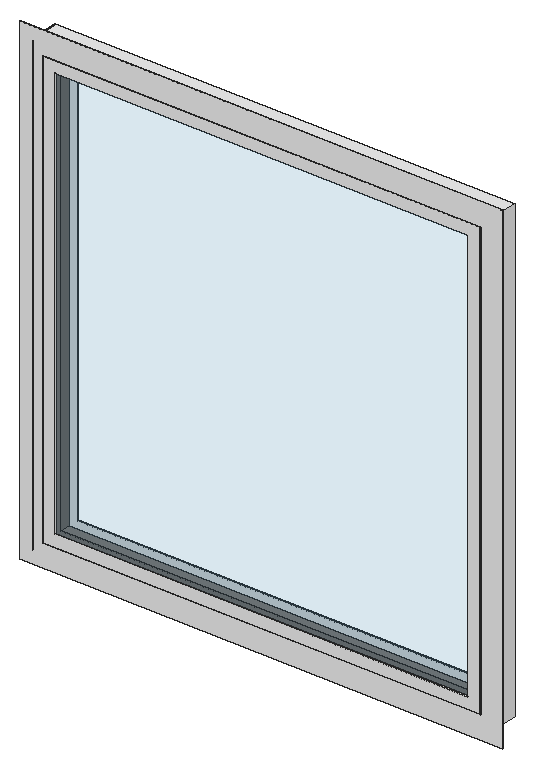
Revit family "Casement_36_H_Top_Hung_Standard", category Windows, host Wall, Revit 2014
Parameters (values of type "Casement_Sash_DG")
  Width Sash [instance] = 30 mm
  Width Sash Inner = 15 mm
  Width Bead = 15 mm
  Top Hung [instance] = yes
  Side Hung Right [instance] = yes
  Side Hung Left [instance] = yes
  Sash Opening Width [instance] = 600 mm
  Sash Opening Height [instance] = 600.312 mm
  Sash Lip = 15 mm
  Glazing Material [instance] = Glass
  DG Start Piece 2 [instance] = DG End Piece 1 + DG Gasket Thickness  # 25 mm
  DG Start Peice 1 [instance] = (Depth Sash - (2 * DG Glazing Thickness) - DG Gasket Thickness) / 2  # 6.6 mm
  Glazing Offset = 5 mm
  DG Glazing Thickness [instance] = 6.4 mm
  DG Gasket Thickness = 12 mm  # constant formula
  DG Gasket Material [instance] = Double Glazing Gasket Material
  DG End Piece 2 [instance] = DG Start Piece 2 + DG Glazing Thickness  # 31.4 mm
  DG End Piece 1 [instance] = DG Start Peice 1 + DG Glazing Thickness  # 13 mm
  Depth Sash [instance] = 38 mm
  Center Vertical Sash [instance] = Sash Opening Height / 2  # 300.156 mm
  Center Horizontal Sash [instance] = Sash Opening Width / 2  # 300 mm
  Bottom Hung [instance] = yes
  Bead Offset = 15 mm
  Aluminium Thickness = 1 mm
  Aluminium Material [instance] = White Powder Coated Aluminium
Reference planes
  plane 1 "Center (Front/Back)": y = 0
  plane 2: z = 0
  plane 3 "Center (Left/Right)": x = 0
Forms (mm)
  Sweep 1, solid, material "White Powder Coated Aluminium" <- "Aluminium Material"
    path origin (16.177, 0, 121.331) x (1, 0, 0) y (0, 0, 1)
      loop
        line (0, 0) -> (600, 0) -> (600, 600.312) -> (0, 600.312) -> (0, 0)
    profile origin (316.177, 0, 121.331) x (0, 0, 1) y (0, -1, 0)
      loop
        line (0, 0) -> (30, 0) -> (30, 1) -> (15, 1) -> (15, 38) -> (-15, 38) -> (-15, 37) -> (0, 37) -> (0, 0)
      loop
        line (14, 1) -> (14, 37) -> (1, 37) -> (1, 1) -> (14, 1)
  Sweep 2, solid, material "White Powder Coated Aluminium" <- "Aluminium Material"
    path origin (0, 0, 0) x (1, 0, 0) y (0, 0, 1)
      loop
        line (31.177, 706.643) -> (31.177, 136.331) -> (601.177, 136.331) -> (601.177, 706.643) -> (31.177, 706.643)
    profile origin (316.177, 0, 706.643) x (0, 0, 1) y (0, -1, 0)
      loop
        line (0, 37) -> (0, 38) -> (-15, 38) -> (-15, 37) -> (0, 37)
  Extrusion 3, solid, material "Glass" <- "Glazing Material"
    sketch origin (0, 0, 0) x (1, 0, 0) y (0, 0, 1)
      loop
        line (36.177, 701.643) -> (36.177, 141.331) -> (596.177, 141.331) -> (596.177, 701.643) -> (36.177, 701.643)
    from 6.6 <- "DG Start Peice 1" to 13 <- "DG End Piece 1"
  Extrusion 4, solid, material "Glass" <- "Glazing Material"
    sketch origin (0, 0, 0) x (1, 0, 0) y (0, 0, 1)
      loop
        line (36.177, 701.643) -> (36.177, 141.331) -> (596.177, 141.331) -> (596.177, 701.643) -> (36.177, 701.643)
    from 31.4 <- "DG End Piece 2" to 25 <- "DG Start Piece 2"
  Sweep 5, solid, material "Double Glazing Gasket Material" <- "DG Gasket Material"
    path origin (0, -13, 0) x (1, 0, 0) y (0, 0, 1)
      loop
        line (36.177, 701.643) -> (36.177, 141.331) -> (596.177, 141.331) -> (596.177, 701.643) -> (36.177, 701.643)
    profile origin (316.177, -13, 701.643) x (0, 0, 1) y (0, -1, 0)
      loop
        line (0, 0) -> (0, 12) -> (-7.96, 12) -> (-7.96, 0) -> (0, 0)
Lines and regions (mm)
  model lines
    curve 1: line (1.177, -38, 736.643) -> (31.177, -38, 706.643)
    curve 2: line (601.177, -38, 706.643) -> (631.177, -38, 736.643)
    curve 3: line (601.177, -38, 136.331) -> (631.177, -38, 106.331)
    curve 4: line (1.177, -38, 106.331) -> (31.177, -38, 136.331)
    curve 5: line (631.177, -37, 736.643) -> (616.177, -37, 721.643)
    curve 6: line (1.177, -37, 736.643) -> (16.177, -37, 721.643)
    curve 7: line (1.177, -37, 106.331) -> (16.177, -37, 121.331)
    curve 8: line (631.177, -37, 106.331) -> (616.177, -37, 121.331)
    curve 9: line (616.177, 0, 121.331) -> (586.177, 0, 151.331)
    curve 10: line (46.177, 0, 151.331) -> (16.177, 0, 121.331)
    curve 11: line (616.177, 0, 721.643) -> (586.177, 0, 691.643)
    curve 12: line (46.177, 0, 691.643) -> (16.177, 0, 721.643)
    curve 13: line (31.177, -38, 691.643) -> (46.177, -38, 691.643)
    curve 14: line (586.177, -38, 691.643) -> (601.177, -38, 691.643)
    curve 15: line (586.177, -38, 151.331) -> (601.177, -38, 151.331)
    curve 16: line (31.177, -38, 151.331) -> (46.177, -38, 151.331)
  model lines, style "GenericModelHiddenLines", visible <- "Top Hung"
    curve 17: line (46.386, -31.4, 690.914) -> (316.177, -31.4, 151.331)
    curve 18: line (316.177, -31.4, 151.331) -> (586.177, -31.4, 691.331)
  model lines, style "GenericModelHiddenLines", visible <- "Bottom Hung"
    curve 19: line (46.177, -31.4, 151.331) -> (316.177, -31.4, 691.331)
    curve 20: line (316.177, -31.4, 691.331) -> (586.177, -31.4, 151.331)
  model lines, style "GenericModelHiddenLines", visible <- "Side Hung Left"
    curve 21: line (46.386, -31.4, 690.914) -> (585.24, -31.4, 421.487)
    curve 22: line (585.24, -31.4, 421.487) -> (46.177, -31.4, 151.331)
  model lines, style "GenericModelHiddenLines", visible <- "Side Hung Right"
    curve 23: line (586.177, -31.4, 691.331) -> (46.177, -31.4, 421.487)
    curve 24: line (46.177, -31.4, 421.487) -> (586.177, -31.4, 151.331)
Dimensions and locks
  "Aluminium Thickness": Sweep 1 sketch curve to Sweep 1 sketch curve  (x4)
  "Depth Sash": Sweep 1 sketch curve to Sweep 1 sketch curve
  "Sash Opening Width": Sweep 1 to Sweep 1
  "Sash Opening Height": Sweep 1 to Sweep 1
  "Width Sash": Sweep 1 sketch curve to Sweep 1 sketch curve  (x2)
  "Width Sash Inner": Sweep 1 sketch curve to Sweep 1 sketch curve
  "Sash Lip": Sweep 1 sketch curve to Sweep 1 sketch curve
  "Aluminium Thickness": Sweep 1 to Sweep 2 sketch curve
  "Glazing Offset": Sweep 2 to Extrusion 3 sketch curve  (x3)
  "Glazing Offset": Extrusion 3 sketch curve to Sweep 2
  Sweep 1 to Sweep 1 = 1 mm
  "Aluminium Thickness": Sweep 2 sketch curve to Sweep 2 sketch curve
  "Width Bead": Sweep 2 sketch curve to Sweep 2 sketch curve
  locked: Sweep 5 sketch curve to Sweep 5 sketch curve at 7.96
  "Center Horizontal Sash": Sweep 1 to curve 18
  "Center Horizontal Sash": Sweep 1 to curve 20
  "Center Vertical Sash": Sweep 1 to curve 22
  "Center Vertical Sash": Sweep 1 to curve 24
  aligned and locked: level to plane 2
  aligned and locked: Sweep 1 sketch curve to Sweep 1 sketch curve  (x2)
  aligned and locked: Sweep 2 sketch curve to Sweep 1  (x5)
  aligned and locked: Extrusion 4 sketch curve to Extrusion 3  (x4)
  aligned and locked: Sweep 5 sketch curve to Extrusion 3  (x5)
  aligned and locked: Extrusion 3 to Sweep 5 sketch curve
Automatic sketch dimensions
  plane 3 "Center (Left/Right)" to Sweep 1 sketch curve = 16.177 mm
  level to Sweep 1 sketch curve = 121.331 mm
  plane 3 "Center (Left/Right)" to Sweep 1 sketch curve = 616.177 mm
  level to Sweep 1 sketch curve = 721.643 mm
  profile plane to Sweep 5 sketch curve = 12 mm
  curve 7 to Sweep 1 = 0 mm  (x4)
  curve 6 to Sweep 1 = 0 mm  (x3)
  Sweep 1 to curve 6 = 0 mm
  curve 5 to Sweep 1 = 0 mm  (x3)
  curve 8 to Sweep 1 = 0 mm  (x4)
  Sweep 1 to curve 5 = 0 mm
  curve 16 to Sweep 2 = 0 mm  (x3)
  curve 13 to Sweep 2 = 0 mm  (x3)
  curve 15 to Sweep 2 = 0 mm
  Sweep 2 to curve 15 = 0 mm  (x2)
  curve 14 to Sweep 2 = 0 mm  (x2)
  Sweep 2 to curve 14 = 0 mm
  curve 1 to Sweep 1 = 0 mm  (x4)
  curve 4 to Sweep 1 = 0 mm  (x3)
  Sweep 1 to curve 4 = 0 mm
  curve 3 to Sweep 1 = 0 mm  (x3)
  curve 2 to Sweep 1 = 0 mm  (x4)
  Sweep 1 to curve 3 = 0 mm
  curve 10 to Sweep 1 = 0 mm  (x4)
  curve 12 to Sweep 1 = 0 mm  (x3)
  Sweep 1 to curve 12 = 0 mm
  curve 9 to Sweep 1 = 0 mm  (x4)
  curve 11 to Sweep 1 = 0 mm  (x3)
  Sweep 1 to curve 11 = 0 mm
  Sweep 1 sketch curve to plane 1 "Center (Front/Back)" = 0 mm
  profile plane to Sweep 1 sketch curve = 0 mm
  curve 21 to Extrusion 4 = 10.208 mm
  curve 19 to Extrusion 4 = 10 mm
  curve 23 to Extrusion 4 = 10 mm  (x2)
  curve 22 to Extrusion 4 = 10.937 mm
  curve 20 to Extrusion 4 = 10 mm
  curve 24 to Extrusion 4 = 10 mm
  curve 22 to Extrusion 4 = 10 mm
  curve 18 to Extrusion 4 = 10 mm
  curve 21 to Extrusion 4 = 10.729 mm
  curve 19 to Extrusion 4 = 10.312 mm
  curve 18 to Extrusion 4 = 10.312 mm
Types in the file's own list only (12): name | Windload Design | Width Sash Opening | Width Sash 2 | Width Sash 1 | Width Profile | Width Panel 3 | Width Panel 2 | Width Panel 1 | Width | URL | Max System DG Unit Thickness | Max System DG One Piece Thickness | Max Pane Area | Intruderprufe U Value | Intruderprufe SHGC Value | Intruderprufe LowE U Value | Intruderprufe LowE SHGC Value | Intruderprufe Insulated U Value | Intruderprufe Insulated SHGC Value | Intruderprufe Insulated LowE U Value | Intruderprufe Insulated LowE SHGC Value | Height | Energy Advantage U Value | Energy Advantage SHGC Value | DG Thickness Calc | Custom Window Width | Custom Window Height | Custom Windload | Sash Width | Custom Sash Bottom Height | Custom Sash Top Height | Sash Spacing Inner | Sash Overlap | Sash Center Offset | SG Gasket Thickness | Offset Window Exterior | Offset Sash Left | Offset Sash 2 Top | Offset Sash 1 Top | Offset Panel 4 Left | Offset Panel 3 Bead Top | Offset Mullion Left | Offset Transom 2 Top | Offset Transom 1 Top | Offset Bead SG Center Reversed | Model | Manufacturer | Limit Window Width Min | Limit Window Width Max | Limit Window Height Min | Limit Window Height Max | Limit Sash Width Min | Limit Sash Width Max | Limit Sash Height Min | Limit Sash Height Max | Limit Fixed Pane Height Min | Limit Fixed Pane Height Max | Length Transom | Height Sash 2 Opening | Height Sash 2 | Height Sash 1 Opening | Height Sash 1 | Height Panel 3 | Height Panel 2 | Height Panel 1 | Description | Frame Center Offset | Depth Bead | Default Sill Height | Wall Closure | DG Gasket Finish | DG Extrusion Start | Window Exterior Offset | Clearvue U Value | Clearvue SHGC Value | Clearvue Insulated U Value | Clearvue Insulated SHGC Value | Clearvue Insulated LowE U Value | Clearvue Insulated LowE SHGC Value | Casement Dimension | Bottom Hung | Bead SG Gap | Area Pane Top | Area Pane Middle | Area Pane Bottom
  36-0615DT-1000Pa | 1000 mm | 544 mm | 514 mm | 514 mm | 30 mm | 530 mm | 530 mm | 530 mm | 590 mm | "http://www.crealco.co.za/crealco-products.php" | 25 mm | 6 mm | 0.23 m² | 6.15 | 0.498 | 4.96 | 0.441 | 4.39 | 0.42 | 4 | 0.388 | 1490 mm | 5.08 | 0.463 | 4 mm | 590 mm | 1490 mm | 1000 mm | 544 mm | 554 mm | 554 mm | 8 mm | 7 mm | 15 mm | 6 mm | 18 mm | 23 mm | 593 mm | 23 mm | 589 mm | 1170 mm | 559 mm | 1140 mm | 570 mm | 18 mm | "Casement 36" | "Crealco" | 346 mm | 1246 mm | 1400 mm | 3000 mm | 300 mm | 1200 mm | 300 mm | 900 mm | 200 mm | 1800 mm | 530 mm | 554 mm | 524 mm | 554 mm | 524 mm | 290 mm | 540 mm | 540 mm | "Window 36mm, Type H top hung" | 18 mm | 22 mm | 800 mm | By host | Double Glazing Gasket Material | 8 mm | 0 mm | 6.28 | 0.521 | 4.5 | 0.459 | 4.09 | 0.42 | 36 mm | No | 13 mm | 0.23 m² | 0.23 m² | 0.15 m²
  36-0915DT-1000Pa | 1000 mm | 844 mm | 814 mm | 814 mm | 30 mm | 830 mm | 830 mm | 830 mm | 890 mm | "http://www.crealco.co.za/crealco-products.php" | 25 mm | 6 mm | 0.37 m² | 6.09 | 0.545 | 4.77 | 0.481 | 4.15 | 0.46 | 3.7 | 0.423 | 1490 mm | 4.89 | 0.512 | 4 mm | 890 mm | 1490 mm | 1000 mm | 844 mm | 554 mm | 554 mm | 8 mm | 7 mm | 15 mm | 6 mm | 18 mm | 23 mm | 593 mm | 23 mm | 889 mm | 1170 mm | 859 mm | 1140 mm | 570 mm | 18 mm | "Casement 36" | "Crealco" | 346 mm | 1246 mm | 1400 mm | 3000 mm | 300 mm | 1200 mm | 300 mm | 900 mm | 200 mm | 1800 mm | 830 mm | 554 mm | 524 mm | 554 mm | 524 mm | 290 mm | 540 mm | 540 mm | "Window 36mm, Type H top hung" | 18 mm | 22 mm | 800 mm | By host | Double Glazing Gasket Material | 8 mm | 0 mm | 6.23 | 0.571 | 4.226 | 0.503 | 3.79 | 0.46 | 36 mm | No | 13 mm | 0.37 m² | 0.37 m² | 0.23 m²
  36-0618DT-1000Pa | 1000 mm | 544 mm | 514 mm | 514 mm | 30 mm | 530 mm | 530 mm | 530 mm | 590 mm | "http://www.crealco.co.za/crealco-products.php" | 25 mm | 6 mm | 0.30 m² | 6.1 | 0.528 | 4.82 | 0.467 | 4.23 | 0.446 | 3.8 | 0.411 | 1790 mm | 4.94 | 0.496 | 4 mm | 590 mm | 1790 mm | 1000 mm | 544 mm | 554 mm | 554 mm | 8 mm | 7 mm | 15 mm | 6 mm | 18 mm | 23 mm | 593 mm | 23 mm | 589 mm | 1170 mm | 559 mm | 1140 mm | 570 mm | 18 mm | "Casement 36" | "Crealco" | 346 mm | 1246 mm | 1400 mm | 3000 mm | 300 mm | 1200 mm | 300 mm | 900 mm | 200 mm | 1800 mm | 530 mm | 554 mm | 524 mm | 554 mm | 524 mm | 590 mm | 540 mm | 540 mm | "Window 36mm, Type H top hung" | 18 mm | 22 mm | 800 mm | By host | Double Glazing Gasket Material | 8 mm | 0 mm | 6.23 | 0.552 | 4.33 | 0.487 | 3.89 | 0.445 | 36 mm | No | 13 mm | 0.23 m² | 0.23 m² | 0.30 m²
  36-0918DT-1000Pa | 1000 mm | 844 mm | 814 mm | 814 mm | 30 mm | 830 mm | 830 mm | 830 mm | 890 mm | "http://www.crealco.co.za/crealco-products.php" | 25 mm | 6 mm | 0.48 m² | 6.05 | 0.574 | 4.64 | 0.506 | 3.98 | 0.486 | 3.5 | 0.445 | 1790 mm | 4.75 | 0.539 | 4 mm | 890 mm | 1790 mm | 1000 mm | 844 mm | 554 mm | 554 mm | 8 mm | 7 mm | 15 mm | 6 mm | 18 mm | 23 mm | 593 mm | 23 mm | 889 mm | 1170 mm | 859 mm | 1140 mm | 570 mm | 18 mm | "Casement 36" | "Crealco" | 346 mm | 1246 mm | 1400 mm | 3000 mm | 300 mm | 1200 mm | 300 mm | 900 mm | 200 mm | 1800 mm | 830 mm | 554 mm | 524 mm | 554 mm | 524 mm | 590 mm | 540 mm | 540 mm | "Window 36mm, Type H top hung" | 18 mm | 22 mm | 800 mm | By host | Double Glazing Gasket Material | 8 mm | 0 mm | 6.19 | 0.602 | 4.08 | 0.53 | 3.58 | 0.484 | 36 mm | No | 13 mm | 0.37 m² | 0.37 m² | 0.48 m²
  36-0615DT-1500Pa | 1500 mm | 544 mm | 514 mm | 514 mm | 30 mm | 530 mm | 530 mm | 530 mm | 590 mm | "http://www.crealco.co.za/crealco-products.php" | 25 mm | 6 mm | 0.23 m² | 6.15 | 0.498 | 4.96 | 0.441 | 4.39 | 0.42 | 4 | 0.388 | 1490 mm | 5.08 | 0.463 | 4 mm | 590 mm | 1490 mm | 1500 mm | 544 mm | 554 mm | 554 mm | 8 mm | 7 mm | 15 mm | 6 mm | 18 mm | 23 mm | 593 mm | 23 mm | 589 mm | 1170 mm | 559 mm | 1140 mm | 570 mm | 18 mm | "Casement 36" | "Crealco" | 346 mm | 1246 mm | 1400 mm | 3000 mm | 300 mm | 1200 mm | 300 mm | 900 mm | 200 mm | 1800 mm | 530 mm | 554 mm | 524 mm | 554 mm | 524 mm | 290 mm | 540 mm | 540 mm | "Window 36mm, Type H top hung" | 18 mm | 22 mm | 800 mm | By host | Double Glazing Gasket Material | 8 mm | 0 mm | 6.28 | 0.521 | 4.5 | 0.459 | 4.09 | 0.42 | 36 mm | No | 13 mm | 0.23 m² | 0.23 m² | 0.15 m²
  36-0615DT-2000Pa | 2000 mm | 544 mm | 514 mm | 514 mm | 30 mm | 530 mm | 530 mm | 530 mm | 590 mm | "http://www.crealco.co.za/crealco-products.php" | 25 mm | 6 mm | 0.23 m² | 6.15 | 0.498 | 4.96 | 0.441 | 4.39 | 0.42 | 4 | 0.388 | 1490 mm | 5.08 | 0.463 | 4 mm | 590 mm | 1490 mm | 2000 mm | 544 mm | 554 mm | 554 mm | 8 mm | 7 mm | 15 mm | 6 mm | 18 mm | 23 mm | 593 mm | 23 mm | 589 mm | 1170 mm | 559 mm | 1140 mm | 570 mm | 18 mm | "Casement 36" | "Crealco" | 346 mm | 1246 mm | 1400 mm | 3000 mm | 300 mm | 1200 mm | 300 mm | 900 mm | 200 mm | 1800 mm | 530 mm | 554 mm | 524 mm | 554 mm | 524 mm | 290 mm | 540 mm | 540 mm | "Window 36mm, Type H top hung" | 18 mm | 22 mm | 800 mm | By host | Double Glazing Gasket Material | 8 mm | 0 mm | 6.28 | 0.521 | 4.5 | 0.459 | 4.09 | 0.42 | 36 mm | No | 13 mm | 0.23 m² | 0.23 m² | 0.15 m²
  36-0915DT-1500Pa | 1500 mm | 844 mm | 814 mm | 814 mm | 30 mm | 830 mm | 830 mm | 830 mm | 890 mm | "http://www.crealco.co.za/crealco-products.php" | 25 mm | 6 mm | 0.37 m² | 6.09 | 0.545 | 4.77 | 0.481 | 4.15 | 0.46 | 3.7 | 0.423 | 1490 mm | 4.89 | 0.512 | 4 mm | 890 mm | 1490 mm | 1500 mm | 844 mm | 554 mm | 554 mm | 8 mm | 7 mm | 15 mm | 6 mm | 18 mm | 23 mm | 593 mm | 23 mm | 889 mm | 1170 mm | 859 mm | 1140 mm | 570 mm | 18 mm | "Casement 36" | "Crealco" | 346 mm | 1246 mm | 1400 mm | 3000 mm | 300 mm | 1200 mm | 300 mm | 900 mm | 200 mm | 1800 mm | 830 mm | 554 mm | 524 mm | 554 mm | 524 mm | 290 mm | 540 mm | 540 mm | "Window 36mm, Type H top hung" | 18 mm | 22 mm | 800 mm | By host | Double Glazing Gasket Material | 8 mm | 0 mm | 6.23 | 0.571 | 4.226 | 0.503 | 3.79 | 0.46 | 36 mm | No | 13 mm | 0.37 m² | 0.37 m² | 0.23 m²
  36-0915DT-2000Pa | 2000 mm | 844 mm | 814 mm | 814 mm | 30 mm | 830 mm | 830 mm | 830 mm | 890 mm | "http://www.crealco.co.za/crealco-products.php" | 25 mm | 6 mm | 0.37 m² | 6.09 | 0.545 | 4.77 | 0.481 | 4.15 | 0.46 | 3.7 | 0.423 | 1490 mm | 4.89 | 0.512 | 4 mm | 890 mm | 1490 mm | 2000 mm | 844 mm | 554 mm | 554 mm | 8 mm | 7 mm | 15 mm | 6 mm | 18 mm | 23 mm | 593 mm | 23 mm | 889 mm | 1170 mm | 859 mm | 1140 mm | 570 mm | 18 mm | "Casement 36" | "Crealco" | 346 mm | 1246 mm | 1400 mm | 3000 mm | 300 mm | 1200 mm | 300 mm | 900 mm | 200 mm | 1800 mm | 830 mm | 554 mm | 524 mm | 554 mm | 524 mm | 290 mm | 540 mm | 540 mm | "Window 36mm, Type H top hung" | 18 mm | 22 mm | 800 mm | By host | Double Glazing Gasket Material | 8 mm | 0 mm | 6.23 | 0.571 | 4.226 | 0.503 | 3.79 | 0.46 | 36 mm | No | 13 mm | 0.37 m² | 0.37 m² | 0.23 m²
  36-0618DT-1500Pa | 1500 mm | 544 mm | 514 mm | 514 mm | 30 mm | 530 mm | 530 mm | 530 mm | 590 mm | "http://www.crealco.co.za/crealco-products.php" | 25 mm | 6 mm | 0.30 m² | 6.1 | 0.528 | 4.82 | 0.467 | 4.23 | 0.446 | 3.8 | 0.411 | 1790 mm | 4.94 | 0.496 | 4 mm | 590 mm | 1790 mm | 1500 mm | 544 mm | 554 mm | 554 mm | 8 mm | 7 mm | 15 mm | 6 mm | 18 mm | 23 mm | 593 mm | 23 mm | 589 mm | 1170 mm | 559 mm | 1140 mm | 570 mm | 18 mm | "Casement 36" | "Crealco" | 346 mm | 1246 mm | 1400 mm | 3000 mm | 300 mm | 1200 mm | 300 mm | 900 mm | 200 mm | 1800 mm | 530 mm | 554 mm | 524 mm | 554 mm | 524 mm | 590 mm | 540 mm | 540 mm | "Window 36mm, Type H top hung" | 18 mm | 22 mm | 800 mm | By host | Double Glazing Gasket Material | 8 mm | 0 mm | 6.23 | 0.552 | 4.33 | 0.487 | 3.89 | 0.445 | 36 mm | No | 13 mm | 0.23 m² | 0.23 m² | 0.30 m²
  36-0618DT-2000Pa | 2000 mm | 544 mm | 514 mm | 514 mm | 30 mm | 530 mm | 530 mm | 530 mm | 590 mm | "http://www.crealco.co.za/crealco-products.php" | 25 mm | 6 mm | 0.30 m² | 6.1 | 0.528 | 4.82 | 0.467 | 4.23 | 0.446 | 3.8 | 0.411 | 1790 mm | 4.94 | 0.496 | 4 mm | 590 mm | 1790 mm | 2000 mm | 544 mm | 554 mm | 554 mm | 8 mm | 7 mm | 15 mm | 6 mm | 18 mm | 23 mm | 593 mm | 23 mm | 589 mm | 1170 mm | 559 mm | 1140 mm | 570 mm | 18 mm | "Casement 36" | "Crealco" | 346 mm | 1246 mm | 1400 mm | 3000 mm | 300 mm | 1200 mm | 300 mm | 900 mm | 200 mm | 1800 mm | 530 mm | 554 mm | 524 mm | 554 mm | 524 mm | 590 mm | 540 mm | 540 mm | "Window 36mm, Type H top hung" | 18 mm | 22 mm | 800 mm | By host | Double Glazing Gasket Material | 8 mm | 0 mm | 6.23 | 0.552 | 4.33 | 0.487 | 3.89 | 0.445 | 36 mm | No | 13 mm | 0.23 m² | 0.23 m² | 0.30 m²
  36-0918DT-1500Pa | 1500 mm | 844 mm | 814 mm | 814 mm | 30 mm | 830 mm | 830 mm | 830 mm | 890 mm | "http://www.crealco.co.za/crealco-products.php" | 25 mm | 6 mm | 0.48 m² | 6.05 | 0.574 | 4.64 | 0.506 | 3.98 | 0.486 | 3.5 | 0.445 | 1790 mm | 4.75 | 0.539 | 4 mm | 890 mm | 1790 mm | 1500 mm | 844 mm | 554 mm | 554 mm | 8 mm | 7 mm | 15 mm | 6 mm | 18 mm | 23 mm | 593 mm | 23 mm | 889 mm | 1170 mm | 859 mm | 1140 mm | 570 mm | 18 mm | "Casement 36" | "Crealco" | 346 mm | 1246 mm | 1400 mm | 3000 mm | 300 mm | 1200 mm | 300 mm | 900 mm | 200 mm | 1800 mm | 830 mm | 554 mm | 524 mm | 554 mm | 524 mm | 590 mm | 540 mm | 540 mm | "Window 36mm, Type H top hung" | 18 mm | 22 mm | 800 mm | By host | Double Glazing Gasket Material | 8 mm | 0 mm | 6.19 | 0.602 | 4.08 | 0.53 | 3.58 | 0.484 | 36 mm | No | 13 mm | 0.37 m² | 0.37 m² | 0.48 m²
  36-0918DT-2000Pa | 2000 mm | 844 mm | 814 mm | 814 mm | 30 mm | 830 mm | 830 mm | 830 mm | 890 mm | "http://www.crealco.co.za/crealco-products.php" | 25 mm | 6 mm | 0.48 m² | 6.05 | 0.574 | 4.64 | 0.506 | 3.98 | 0.486 | 3.5 | 0.445 | 1790 mm | 4.75 | 0.539 | 4 mm | 890 mm | 1790 mm | 2000 mm | 844 mm | 554 mm | 554 mm | 8 mm | 7 mm | 15 mm | 6 mm | 18 mm | 23 mm | 593 mm | 23 mm | 889 mm | 1170 mm | 859 mm | 1140 mm | 570 mm | 18 mm | "Casement 36" | "Crealco" | 346 mm | 1246 mm | 1400 mm | 3000 mm | 300 mm | 1200 mm | 300 mm | 900 mm | 200 mm | 1800 mm | 830 mm | 554 mm | 524 mm | 554 mm | 524 mm | 590 mm | 540 mm | 540 mm | "Window 36mm, Type H top hung" | 18 mm | 22 mm | 800 mm | By host | Double Glazing Gasket Material | 8 mm | 0 mm | 6.19 | 0.602 | 4.08 | 0.53 | 3.58 | 0.484 | 36 mm | No | 13 mm | 0.37 m² | 0.37 m² | 0.48 m²
